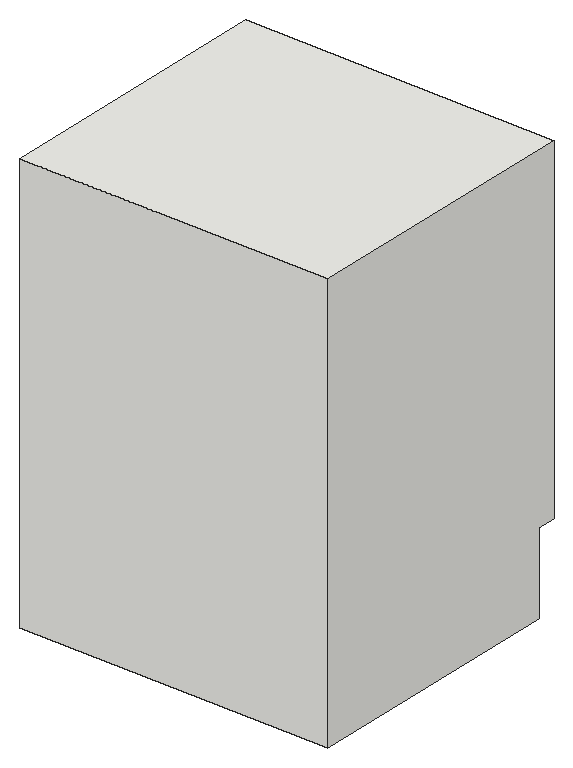
Revit family
Parameters (values of type "600 x 820 x 550mm")
  Label = "W"
  Depth = 550 mm
  Height = 820 mm
  Plinth Depth = 35 mm
  Plinth Height = 160 mm
  Material = Metal - Paint Finish - Ivory, Glossy
  Width = 600 mm
Reference planes
  plane 1: y = 0
  plane 2 "Center": x = -151.314
  plane 3: y = 676.2
  plane 4 "Right": x = 148.686
  plane 5 "Left": x = -451.314
  plane 6: y = 126.2
  plane 7: z = 160
  plane 8: y = 641.2
  plane 9: z = 820
  plane 10: z = 786.085
  plane 11: z = 761.085
  plane 12: x = -376.314
  plane 13: x = -25.005
  plane 14: z = 702.169
  plane 15: z = 736.085
  plane 16: z = 440
Forms (mm)
  Extrusion 1, solid, material "Metal - Paint Finish - Ivory, Glossy" <- "Material"
    sketch origin (-451.314, 0, 0) x (0, -1, 0) y (0, 0, 1)
      loop
        line (-126.2, 820) -> (-676.2, 820) -> (-676.2, 160) -> (-641.2, 160) -> (-641.2, 0) -> (-126.2, 0) -> (-126.2, 820)
    from -600 to 0
  Extrusion 2, void
    sketch origin (-451.314, 676.2, 820) x (-1, 0, 0) y (0, 0, -1)
      loop
        circle (-300, 380) r 140
    from 0 to 250
  Extrusion 3, solid, material "Metal - Chrome"
    sketch origin (-451.314, 676.2, 820) x (1, 0, 0) y (0, 0, -1)
      loop
        circle (300, 380) r 190
      loop
        circle (300, 380) r 140
      loop
        circle (75, 58.915) r 25
      loop
        line (454.473, 58.915) -> (571.309, 58.915) -> (571.309, 83.915) -> (454.473, 83.915) -> (454.473, 58.915)
      loop
        line (275, 38.915) -> (325, 38.915) -> (325, 78.915) -> (275, 78.915) -> (275, 38.915)
    from 0 to 15
  Extrusion 4, solid, material "Glass"
    sketch origin (-451.314, 676.2, 820) x (1, 0, 0) y (0, 0, -1)
      loop
        circle (300, 380) r 140
    from 0 to 15
Cuts and joins
  Extrusion 2 cuts Extrusion 1
Lines and regions (mm)
  Masking region 1
    outline origin (0, 0, 0) x (1, 0, 0) y (0, 1, 0)
      loop
        line (-451.314, 126.2) -> (148.686, 126.2) -> (148.686, 676.2) -> (-451.314, 676.2) -> (-451.314, 126.2)
  model lines
    curve 1: line (148.686, 676.2, 820) -> (-451.314, 676.2, 820)
    curve 2: line (148.686, 676.2, 702.169) -> (148.686, 676.2, 820)
    curve 3: line (-451.314, 676.2, 702.169) -> (148.686, 676.2, 702.169)
    curve 4: line (-451.314, 676.2, 820) -> (-451.314, 676.2, 702.169)
    curve 5: line (119.995, 676.2, 786.085) -> (119.995, 676.2, 786.085)
    curve 6: line (-76.314, 676.2, 786.085) -> (-76.314, 676.2, 786.085)
    curve 7: line (84.995, 676.2, 786.085) -> (84.995, 676.2, 786.085)
    curve 9: line (-25.005, 676.2, 820) -> (-25.005, 676.2, 702.169)
    curve 10: arc (-376.314, 676.2, 736.085) -> (-401.314, 676.2, 761.085) -> (-376.314, 676.2, 786.085) r 25
    curve 11: arc (-376.314, 676.2, 786.085) -> (-351.314, 676.2, 761.085) -> (-376.314, 676.2, 736.085) r 25
    curve 12: arc (-376.314, 676.2, 721.085) -> (-416.314, 676.2, 761.085) -> (-376.314, 676.2, 801.085) r 40
    curve 13: arc (-376.314, 676.2, 801.085) -> (-336.314, 676.2, 761.085) -> (-376.314, 676.2, 721.085) r 40
    curve 14: line (119.995, 676.2, 761.085) -> (3.159, 676.2, 761.085)
    curve 15: line (119.995, 676.2, 736.085) -> (119.995, 676.2, 761.085)
    curve 16: line (3.159, 676.2, 736.085) -> (119.995, 676.2, 736.085)
    curve 17: line (3.159, 676.2, 761.085) -> (3.159, 676.2, 736.085)
    curve 18: line (-126.314, 676.2, 741.085) -> (-176.314, 676.2, 741.085)
    curve 19: line (-126.314, 676.2, 781.085) -> (-126.314, 676.2, 741.085)
    curve 20: line (-176.314, 676.2, 781.085) -> (-126.314, 676.2, 781.085)
    curve 21: line (-176.314, 676.2, 781.085) -> (-176.314, 676.2, 741.085)
    curve 22: line (-151.314, 676.2, 781.085) -> (-151.314, 676.2, 741.085)
    curve 23: arc (-151.314, 676.2, 300) -> (-291.314, 676.2, 440) -> (-151.314, 676.2, 580) r 140
    curve 24: arc (-151.314, 676.2, 580) -> (-11.314, 676.2, 440) -> (-151.314, 676.2, 300) r 140
    curve 25: arc (-151.314, 676.2, 250) -> (-341.314, 676.2, 440) -> (-151.314, 676.2, 630) r 190
    curve 26: arc (-151.314, 676.2, 630) -> (38.686, 676.2, 440) -> (-151.314, 676.2, 250) r 190
    curve 27: arc (-357.887, 676.2, 179.77) -> (-392.887, 676.2, 214.77) -> (-357.887, 676.2, 249.77) r 35
    curve 28: arc (-357.887, 676.2, 249.77) -> (-322.887, 676.2, 214.77) -> (-357.887, 676.2, 179.77) r 35
    curve 29: line (-323.352, 676.2, 209.08) -> (-392.421, 676.2, 209.08)
    curve 30: line (-323.153, 676.2, 219.08) -> (-392.62, 676.2, 219.08)
  symbolic lines
    curve 8: line (-451.314, 656.2, 0) -> (148.686, 656.2, 0)
Text (mm)
  text "Placement Side" at (0, 1019.848, 3124.603), in view "Right"
  text "Placement Side" at (-1029.972, 1450.836, 0), in view "Ref. Level"
  text "Placement Side" at (0, 954.249, 1941.957), in view "Left"
Dimensions and locks
  "Depth": plane 6 to plane 3
  "Width": plane 5 "Left" to plane 4 "Right"
  equal spacing: plane 5 "Left", plane 2 "Center", plane 4 "Right"
  locked: plane 6 to host wall at 50
  "Plinth Depth": plane 3 to plane 8
  "Plinth Height": level to plane 7
  "Height": level to plane 9
  plane 5 "Left" to plane 12 = 75 mm
  equal spacing: plane 14, plane 11, plane 9
  plane 14 to plane 9 = 117.831 mm
  equal spacing: plane 15, plane 11, plane 10
  equal spacing: plane 6, nested 1, plane 3
  aligned and locked: plane 5 "Left" to Extrusion 1  (x2)
  aligned and locked: curve 1 to plane 9
  aligned and locked: Extrusion 1 to plane 4 "Right"
  aligned and locked: plane 14 to curve 3
  aligned: Masking region 1 sketch curve to cut or joined group of Extrusion 1, Extrusion 2  (x3)
  aligned: Masking region 1 sketch curve to curve 1
Automatic sketch dimensions
  Extrusion 1 sketch curve to plane 3 = 0 mm
  Extrusion 1 sketch curve to plane 7 = 0 mm
  Extrusion 1 sketch curve to plane 8 = 0 mm
  Extrusion 1 sketch curve to level = 0 mm
  Extrusion 1 sketch curve to plane 6 = 0 mm
  Extrusion 1 sketch curve to plane 9 = 0 mm
  curve 13 to plane 12 = 0 mm
  curve 6 to plane 10 = 0 mm  (x2)
  curve 5 to plane 10 = 0 mm  (x2)
  curve 7 to plane 10 = 0 mm  (x2)
  curve 11 to plane 10 = 0 mm
  curve 22 to plane 2 "Center" = 0 mm
  curve 12 to plane 11 = 0 mm
  curve 10 to plane 11 = 0 mm
  curve 14 to plane 11 = 0 mm
  curve 16 to plane 15 = 0 mm
  curve 25 to plane 2 "Center" = 0 mm
  curve 23 to plane 2 "Center" = 0 mm
  curve 23 to plane 16 = 0 mm
  curve 25 to plane 16 = 0 mm
  curve 1 to plane 5 "Left" = 0 mm
  curve 10 to plane 12 = 0 mm
  curve 9 to plane 13 = 0 mm
  curve 1 to plane 4 "Right" = 0 mm
  curve 13 to curve 10 = 15 mm
  plane 10 to curve 20 = 5 mm
  curve 25 to plane 14 = 72.169 mm
  curve 25 to curve 23 = 50 mm
  curve 28 to plane 12 = 18.427 mm
  curve 28 to plane 7 = 89.77 mm
  curve 27 to curve 30 = 30.691 mm
  curve 27 to curve 27 = 35 mm
  plane 12 to curve 29 = 16.107 mm
  curve 21 to plane 2 "Center" = 25 mm
  plane 2 "Center" to curve 18 = 25 mm
  curve 17 to plane 13 = 28.164 mm
  plane 4 "Right" to curve 7 = 63.691 mm
  curve 7 to curve 7 = 0 mm
  plane 4 "Right" to curve 15 = 28.691 mm
  curve 5 to curve 14 = 0 mm
  curve 5 to curve 5 = 0 mm
  curve 19 to curve 6 = 50 mm
  curve 6 to curve 6 = 0 mm
  curve 18 to plane 15 = 5 mm
  Extrusion 2 sketch curve to plane 16 = 0 mm
  Extrusion 2 sketch curve to plane 2 "Center" = 0 mm
  Extrusion 2 sketch curve to plane 13 = 13.691 mm
  Extrusion 3 sketch curve to plane 11 = 0 mm  (x2)
  Extrusion 3 sketch curve to plane 12 = 0 mm
  Extrusion 3 sketch curve to plane 16 = 0 mm  (x2)
  Extrusion 3 sketch curve to plane 2 "Center" = 0 mm  (x2)
  Extrusion 3 sketch curve to plane 15 = 0 mm
  plane 12 to Extrusion 3 sketch curve = 25 mm
  Extrusion 3 sketch curve to plane 12 = 35 mm
  Extrusion 3 sketch curve to Extrusion 3 sketch curve = 50 mm
  plane 10 to Extrusion 3 sketch curve = 5 mm
  Extrusion 3 sketch curve to plane 2 "Center" = 25 mm
  plane 2 "Center" to Extrusion 3 sketch curve = 25 mm
  Extrusion 3 sketch curve to plane 13 = 28.164 mm
  plane 4 "Right" to Extrusion 3 sketch curve = 28.691 mm
  Extrusion 3 sketch curve to plane 15 = 5 mm
  Extrusion 4 sketch curve to plane 16 = 0 mm
  Extrusion 4 sketch curve to plane 2 "Center" = 0 mm
  Extrusion 4 sketch curve to plane 12 = 85 mm
  curve 8 to plane 5 "Left" = 0 mm
  curve 8 to plane 4 "Right" = 0 mm
  curve 8 to plane 8 = 15 mm
  Masking region 1 sketch curve to plane 3 = 0 mm
  Masking region 1 sketch curve to plane 5 "Left" = 0 mm
  Masking region 1 sketch curve to plane 4 "Right" = 0 mm
  Masking region 1 sketch curve to plane 6 = 0 mm
Nested families
  nested 1: "Label Annotation (M)" at (-151.314, 401.2, 0), type "M_Label Annotation", detail levels medium+fine
Definition of nested family "Label Annotation (M)"
  Parameters
    Label = ""
  Reference planes
    plane 1: y = 0
    plane 2: x = 0
  Text (mm)
    label "Label" at (0.007, 0.129, 0), shows "Label"
